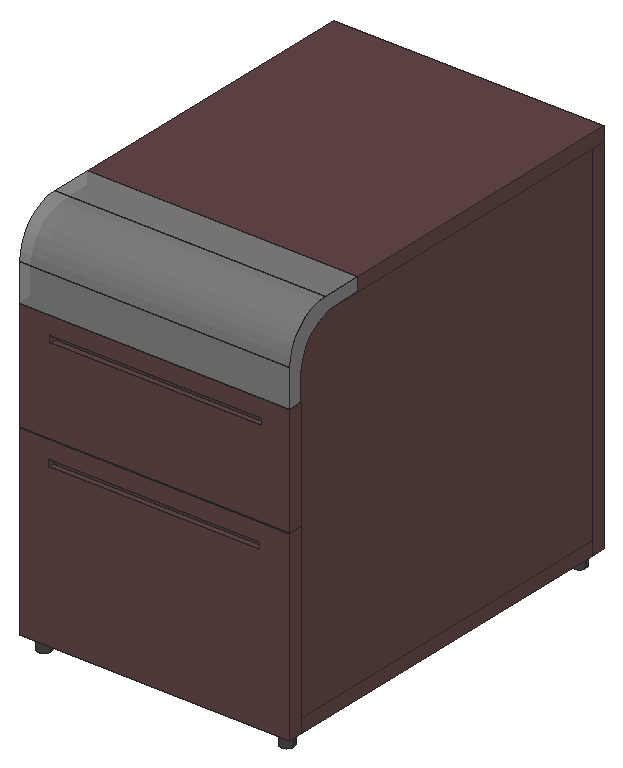
Revit family
Parameters
  폭 = 400 mm
  상판두께 = 20 mm
  높이 = 560 mm
  깊이 = 580 mm
  Assembly Code = ""
Reference planes
  plane 1 "Center (Front/Back)": y = 0
  plane 2: z = 0
  plane 3 "Center (Left/Right)": x = 0
  plane 4 "left": x = -200
  plane 5 "right": x = 200
  plane 6 "front": y = -290
  plane 7 "back": y = 290
  plane 8 "top": z = 560
Forms (mm)
  Extrusion 1, solid, material "필기구수납함"
    sketch origin (-200, 0, 0) x (0, 1, 0) y (0, 0, 1)
      loop
        line (-165, 560) -> (-225, 560)
        arc (-225, 560) -> (-270.962, 540.962) -> (-290, 495) r 65
        line (-290, 495) -> (-290, 438.983) -> (-270, 438.983) -> (-270, 475)
        arc (-270, 475) -> (-250.962, 520.962) -> (-205, 540) r 65
        line (-205, 540) -> (-165, 540) -> (-165, 560)
    from 0 to 400
  Extrusion 2, solid, material "상판"
    sketch origin (0, 0, -15) x (1, 0, 0) y (0, 0, 1)
      loop
        line (-200, 555) -> (-200, 15) -> (200, 15) -> (200, 555) -> (-200, 555)
    from -290 to -270
  Extrusion 3, solid, material "상판"
    sketch origin (0, 0, 0) x (1, 0, 0) y (0, 0, 1)
      loop
        line (-200, 438.983) -> (-200, 0) -> (200, 0) -> (200, 438.983) -> (-200, 438.983)
    from 270 to 290
  Extrusion 4, solid, material "상판"
    sketch origin (0, 0, 0) x (1, 0, 0) y (0, 1, 0)
      loop
        line (-200, 270) -> (-200, -270) -> (200, -270) -> (200, 270) -> (-200, 270)
    from 0 to 20
  Extrusion 5, solid, material "상판"
    sketch origin (-200, 0, 0) x (0, 1, 0) y (0, 0, 1)
      loop
        line (-270, 475) -> (-270, 305.14) -> (-270, 20) -> (270, 20) -> (270, 540) -> (-205, 540)
        arc (-205, 540) -> (-250.962, 520.962) -> (-270, 475) r 65
    from 0 to 20
  Extrusion 6, solid, material "상판"
    sketch origin (200, 0, 0) x (0, 1, 0) y (0, 0, 1)
      loop
        line (-270, 475) -> (-270, 305.14) -> (-270, 20) -> (270, 20) -> (270, 540) -> (-205, 540)
        arc (-205, 540) -> (-250.962, 520.962) -> (-270, 475) r 65
    from -20 to 0
  Extrusion 7, void
    sketch origin (70, -290, 87.5) x (-1, 0, 0) y (0, 0, 1)
      loop
        line (227.704, 160.898) -> (-85, 160.898) -> (-85, 150) -> (227.704, 150) -> (227.704, 160.898)
    from 0 to 10
  Extrusion 8, solid, material "바퀴"
    sketch origin (0, 0, 0) x (1, 0, 0) y (0, 1, 0)
      loop
        circle (-180, -270) r 10
      loop
        circle (180, -270) r 10
      loop
        circle (180, 270) r 10
      loop
        circle (-180, 270) r 10
    from 0 to -20
  Extrusion 9, void
    sketch origin (72.296, -290, 252.5) x (-1, 0, 0) y (0, 0, 1)
      loop
        line (227.704, 160.898) -> (-85, 160.898) -> (-85, 150) -> (227.704, 150) -> (227.704, 160.898)
    from 0 to 10
  Extrusion 10, void
    sketch origin (72.296, -290, 115) x (-1, 0, 0) y (0, 0, 1)
      loop
        line (272.296, 160.898) -> (-127.704, 160.898) -> (-127.704, 160) -> (272.296, 160) -> (272.296, 160.898)
    from 0 to 20
  Extrusion 11, solid, material "상판"
    sketch origin (200, 0, 0) x (0, 1, 0) y (0, 0, 1)
      loop
        line (-165, 560) -> (-165, 540) -> (290, 540) -> (290, 560) -> (-165, 560)
    from 0 to -400
Cuts and joins
  Extrusion 7, Extrusion 9, Extrusion 10 cuts Extrusion 3
Dimensions and locks
  "깊이": plane 6 "front" to plane 7 "back"
  equal spacing: plane 6 "front", plane 1 "Center (Front/Back)", plane 7 "back"
  "높이": plane 8 "top" to level
  "폭": plane 4 "left" to plane 5 "right"
  equal spacing: plane 4 "left", plane 3 "Center (Left/Right)", plane 5 "right"
  "상판두께": Extrusion 1 sketch curve to Extrusion 1 sketch curve  (x2)
  "상판두께": Extrusion 2 to Extrusion 2
  "상판두께": Extrusion 3 to Extrusion 3
  "상판두께": Extrusion 4 to Extrusion 4
  "상판두께": Extrusion 1 to Extrusion 5
  "상판두께": Extrusion 6 to Extrusion 1
  aligned and locked: plane 8 "top" to Extrusion 1 sketch curve
  aligned and locked: Extrusion 1 sketch curve to plane 6 "front"
  aligned and locked: plane 5 "right" to Extrusion 1
  aligned and locked: Extrusion 1 to plane 4 "left"
  aligned and locked: Extrusion 1 to Extrusion 2 sketch curve
  aligned and locked: Extrusion 2 sketch curve to plane 5 "right"
  aligned and locked: Extrusion 2 to plane 7 "back"
  aligned and locked: Extrusion 2 to Extrusion 1
  aligned and locked: Extrusion 2 to level
  aligned and locked: Extrusion 1 to Extrusion 3 sketch curve
  aligned and locked: Extrusion 3 sketch curve to Extrusion 1
  aligned and locked: Extrusion 2 to Extrusion 3 sketch curve
  aligned and locked: Extrusion 3 sketch curve to Extrusion 2
  aligned and locked: Extrusion 3 to plane 6 "front"
  aligned and locked: Extrusion 2 to Extrusion 4 sketch curve
  aligned and locked: Extrusion 4 sketch curve to Extrusion 2
  aligned and locked: Extrusion 4 sketch curve to Extrusion 1  (x2)
  aligned and locked: Extrusion 4 to level
  aligned and locked: Extrusion 5 sketch curve to Extrusion 1  (x2)
  aligned and locked: Extrusion 5 sketch curve to Extrusion 2
  aligned and locked: Extrusion 5 sketch curve to Extrusion 4
  aligned and locked: Extrusion 3 to Extrusion 5 sketch curve
  aligned and locked: Extrusion 6 sketch curve to Extrusion 2
  aligned and locked: Extrusion 6 sketch curve to Extrusion 4
  aligned and locked: Extrusion 3 to Extrusion 6 sketch curve
  aligned and locked: plane 5 "right" to Extrusion 6
Automatic sketch dimensions
  Extrusion 2 sketch curve to level = 0 mm
  Extrusion 2 sketch curve to plane 8 "top" = 20 mm
  Extrusion 5 sketch curve to Extrusion 5 sketch curve = 169.86 mm
  Extrusion 6 sketch curve to plane 8 "top" = 20 mm
  plane 6 "front" to Extrusion 6 sketch curve = 85 mm
  Extrusion 6 sketch curve to Extrusion 6 sketch curve = 169.86 mm
  plane 3 "Center (Left/Right)" to Extrusion 7 sketch curve = 155 mm
  plane 4 "left" to Extrusion 7 sketch curve = 42.296 mm
  Extrusion 7 sketch curve to plane 8 "top" = 322.5 mm
  Extrusion 7 sketch curve to Extrusion 7 sketch curve = 10.898 mm
  plane 4 "left" to Extrusion 8 sketch curve = 20 mm  (x2)
  Extrusion 8 sketch curve to plane 5 "right" = 20 mm  (x2)
  plane 6 "front" to Extrusion 8 sketch curve = 20 mm  (x2)
  plane 7 "back" to Extrusion 8 sketch curve = 20 mm  (x2)
  Extrusion 9 sketch curve to plane 5 "right" = 42.704 mm
  plane 4 "left" to Extrusion 9 sketch curve = 44.591 mm
  Extrusion 9 sketch curve to plane 8 "top" = 157.5 mm
  Extrusion 9 sketch curve to Extrusion 9 sketch curve = 10.898 mm
  Extrusion 10 sketch curve to plane 5 "right" = 0 mm
  plane 4 "left" to Extrusion 10 sketch curve = 0 mm
  level to Extrusion 10 sketch curve = 275 mm
  Extrusion 10 sketch curve to Extrusion 10 sketch curve = 0.898 mm
  Extrusion 1 sketch curve to Extrusion 1 sketch curve = 45 mm
  Extrusion 1 sketch curve to Extrusion 1 sketch curve = 20 mm
  Extrusion 1 sketch curve to Extrusion 1 sketch curve = 40 mm
  Extrusion 1 sketch curve to Extrusion 1 sketch curve = 36.017 mm
  Extrusion 11 sketch curve to plane 8 "top" = 0 mm
  Extrusion 11 sketch curve to plane 7 "back" = 0 mm
  plane 6 "front" to Extrusion 11 sketch curve = 125 mm
  Extrusion 11 sketch curve to plane 8 "top" = 20 mm
  radius of Extrusion 8 sketch curve = 10 mm  (x4)
